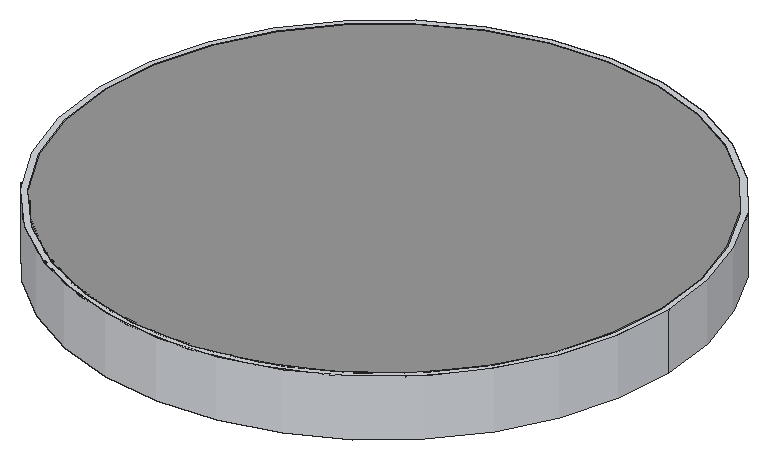
Revit family "2071168", category Lighting Fixtures, host Face, Revit 2018
Family settings
  Host = Face
  Round Connector Dimension = Use Diameter
  Part Type = Normal
  OmniClass Number = 23.80.70.00
  OmniClass Title = Lighting
  Cut with Voids When Loaded = No
  Light Source = Yes
  Shared = No
  Room Calculation Point = No
Parameters (values of type "2071168 COLOSSAL 600 830 PR DIR WHT EM")
  iner diameter = 588 mm
  Weight = "n/a"
  Wattage Comments = ""
  Wattage = 30 W
  WarrantyStartDate [instance] = "n/a"
  WarrantyGuarantorParts = "n/a"
  WarrantyDurationUnit = "n/a"
  WarrantyDurationParts = ""
  WarrantyDescription = "http://www.sylvania-lighting.com"
  built-in parameter 1150110 = 1 (stored number, unit not read)
  Voltage = 230 V
  URL = "0.95"
  TypeName = "COLOSSAL 600mm 830 PRISM DIR WHITE EM"
  Type Image = <None>
  Type Comments = "n/a"
  built-in parameter 1114217 = 1 (stored number, unit not read)
  Tilt Angle = -90.00°
  built-in parameter 1150109 = 1 (stored number, unit not read)
  built-in parameter 1150134 = (empty or 0)
  built-in parameter 1150113 = 1 (stored number, unit not read)
  SerialNumber [instance] = "n/a"
  Photometric Web File = "2071168.ies"
  Material_3_SYL = LED-Sylvania
  PowerFactor = 0
  PowerConsumption = "Lighting"
  NominalLength = 600 mm
  NominalHeight = 93 mm
  NominalDepth = 600 mm
  Name = "COLOSSAL 600mm 830 PRISM DIR WHITE EM"
  ModelReference = Name  # "COLOSSAL 600mm 830 PRISM DIR WHITE EM"
  ModelNumber = "2071168"
  Model = Name  # "COLOSSAL 600mm 830 PRISM DIR WHITE EM"
  Material = "Feilo Sylvania"
  ManufacturerName = "119 lm/W"
  Manufacturer = ""
  LuminousEfficacy = ""
  built-in parameter 1150105 = 270.44 (stored number, unit not read)
  Lumens = 3398.4 lm
  LuminaireType = "0"
  built-in parameter 1150115 = 1 (stored number, unit not read)
  LightOutputRatio = "LED"
  built-in parameter 1150137 = (empty or 0)
  built-in parameter 1150139 = (empty or 0)
  LampsType = Lamp  # "n/a"
  LampNominalLuminous = "3000 K"
  LampMacAdamStep = "80"
  LampColourTemperature = "LED"
  LampColourRenderingIndex = "16500"
  built-in parameter 1150112 = 1 (stored number, unit not read)
  built-in parameter 1150114 = 1 (stored number, unit not read)
  Lamp = "n/a"
  Keynote = "n/a"
  InstallationDate [instance] = "n/a"
  InputVoltage = "0"
  InputNominalFrequency = "3000"
  built-in parameter 1150132 = (empty or 0)
  built-in parameter 1150102 = (empty or 0)
  built-in parameter 1150107 = 3000 (stored number, unit not read)
  built-in parameter 1150138 = (empty or 0)
  IngressProtection = "IfcLightFixtureType"
  ImpactProtectionIndex = "IfcLightFixtureType"
  built-in parameter 1150106 = 2.7044 (stored number, unit not read)
  IfcExportType = "IfcLightFixtureType"
  IfcExportAs = "Class I"
  Emit from Circle Diameter = 385 mm
  Emit Shape Visible in Rendering = no
  ElectricShockClassification = "119"
  built-in parameter 1150104 = 10.524 (stored number, unit not read)
  DocumentationLiterature = "http://www.sylvania-lighting.com/product/en-int/products/2071168"
  DimmingControlOptions = "n/a"
  Material_2_SYL = Polycarbonate_Sylvania_White
  Dimming Lamp Color Temperature Shift = <None>
  Description = "600mm diameter circular architectural luminaire, can be surface mounted or suspended. Powder coated aluminium housing (RAL9016) with PMMA prismatic diffuser. Direct light distribution, 3805lm luminuous flux, 32.1W system power, 119lm/W luminiaire efficacy. Constant current driver. 3 hours integrated emergency. Colour rendering index Ra >80, 3000K Warm White LED, chromaticity tolerance of 3-step MacAdam ellipse. IP40, IK03. 350mA drive current. UGR≤19. Electrical protection Class1, 220-240V. Reported lifetime 66k hours L90B10."
  Default Elevation = 1219.2 mm
  CreatedOn = "23/03/2022"
  CreatedBy = "@sylvania-lighting.com"
  Cost = 0
  Color Filter = 16777215
  built-in parameter 1114216 [instance] = (empty or 0)
  ClassificationValue = "EF_70_80"
  ClassificationName = "Uniclass2015"
  Material_1_SYL = Polycarbonate_Sylvania_Opal
  BarCode [instance] = "n/a"
  built-in parameter 1114218 = 1 (stored number, unit not read)
  built-in parameter 1150133 = 10 (stored number, unit not read)
  AssetType = "Fixed"
  AssetIdentifier [instance] = "n/a"
  Assembly Code = "D5020200"
  Apparent Load = 32.1 VA
  Material_4_SYL = none
Reference planes
  plane 1 "Center (Front/Back)": y = 0
  plane 2: z = 0
  plane 3 "Center (Left/Right)": x = 0
  plane 4: x = -300
  plane 5: x = 300
  plane 6: y = 300
  plane 7: y = -300
  plane 8: y = 212
  plane 9: y = -212
  plane 10: z = 93
  plane 11: y = 294
  plane 12: y = -294
  plane 13: through (0, 0, 1219.2) normal (0.5, -0.866, 0)
  plane 14: through (-134.29, 20.617, 1219.2) normal (0.5, -0.866, 0)
  plane 15: through (-144.685, -181.683, 1219.2) normal (-0.5, 0.866, 0)
  plane 16: through (0, 0, 1219.2) normal (0.5, 0.866, 0)
  plane 17: through (178.555, -4.939, 1219.2) normal (0.5, 0.866, 0)
  plane 18: through (87.581, -148.715, 1219.2) normal (0.5, 0.866, 0)
  plane 19: y = 272
  plane 20: through (105.168, 227.067, 1219.2) normal (0.866, 0.5, 0)
  plane 21: through (-104.171, 225.672, 1219.2) normal (0.8572, -0.515, 0)
  plane 22: y = -204.612
  plane 23: through (-296.643, -30.2, 1219.2) normal (0.866, 0.5, 0)
  plane 24: through (153.092, -278.837, 1219.2) normal (-0.866, 0.5, 0)
Forms (mm)
  Extrusion 1, solid, detail levels medium+fine
    sketch origin (0, 0, 0) x (1, 0, 0) y (0, 1, 0)
      loop
        circle (0, 0) r 300
    from 33.023 to 93
  Extrusion 2, void
    sketch origin (0, 0, 0) x (1, 0, 0) y (0, 1, 0)
      loop
        circle (0, 0) r 294
    from 93 to 37.292
  Extrusion 3, solid, material "Glass, White, High Luminance", detail levels fine
    sketch origin (0, 0, 0) x (1, 0, 0) y (0, 1, 0)
      loop
        circle (0, 0) r 294
    from 88.026 to 93
  Extrusion 4, solid, detail levels coarse
    sketch origin (0, 0, 0) x (1, 0, 0) y (0, 1, 0)
      loop
        line (-300, 300) -> (-300, -300) -> (300, -300) -> (300, 300) -> (-300, 300)
    from 0 to 93
  Blend 5, solid, detail levels medium+fine
    base sketch origin (0, 0, 0) x (1, 0, 0) y (0, 1, 0)
      loop
        line (-76.334, 272) -> (-277.665, -63.07) -> (-195.946, -204.612) -> (195.946, -204.612) -> (275.172, -67.388) -> (79.226, 272) -> (-76.334, 272)
    top sketch origin (0, 0, 0) x (1, 0, 0) y (0, 1, 0)
      loop
        line (-226.097, -32.388) -> (-141.097, -179.612) -> (141.097, -179.612) -> (226.097, -32.388) -> (85, 212) -> (-85, 212) -> (-226.097, -32.388)
    from 33.023 to 0
Cuts and joins
  Extrusion 2 cuts Extrusion 1
Lines and regions (mm)
  model lines
    curve 1: line (-85, 212, 0) -> (0, 212, 0)
    curve 2: line (0, 212, 0) -> (85, 212, 0)
Dimensions and locks
  "NominalDepth": plane 6 to plane 7
  "NominalLength": plane 4 to plane 5
  equal spacing: plane 4, plane 3 "Center (Left/Right)", plane 5
  "iner diameter": plane 11 to plane 12
  equal spacing: plane 11, plane 1 "Center (Front/Back)", plane 12
  equal spacing: plane 6, plane 1 "Center (Front/Back)", plane 7
  "NominalHeight": plane 10 to level
  radius of Extrusion 2 sketch curve = 294 mm
  aligned and locked: plane 2 to host face
  aligned and locked: level to host face
Automatic sketch dimensions
  host sketch curve to host sketch curve = 2438.4 mm  (x2)
  plane 1 "Center (Front/Back)" to Extrusion 1 sketch curve = 0 mm
  Extrusion 1 sketch curve to plane 3 "Center (Left/Right)" = 0 mm
  plane 1 "Center (Front/Back)" to Extrusion 2 sketch curve = 0 mm
  Extrusion 2 sketch curve to plane 3 "Center (Left/Right)" = 0 mm
  plane 1 "Center (Front/Back)" to Extrusion 3 sketch curve = 0 mm
  Extrusion 3 sketch curve to plane 3 "Center (Left/Right)" = 0 mm
  Extrusion 4 sketch curve to plane 4 = 0 mm
  Extrusion 4 sketch curve to plane 5 = 0 mm
  Extrusion 4 sketch curve to plane 7 = 0 mm
  Extrusion 4 sketch curve to plane 6 = 0 mm
  Blend 5 sketch curve to plane 8 = 0 mm
  Blend 5 sketch curve to plane 3 "Center (Left/Right)" = 85 mm
  plane 3 "Center (Left/Right)" to Blend 5 sketch curve = 85 mm
  plane 9 to Blend 5 sketch curve = 32.388 mm
  plane 3 "Center (Left/Right)" to Blend 5 sketch curve = 141.097 mm
  plane 1 "Center (Front/Back)" to Blend 5 sketch curve = 32.388 mm  (x2)
  Blend 5 sketch curve to plane 5 = 73.903 mm
  Blend 5 sketch curve to plane 3 "Center (Left/Right)" = 141.097 mm
  plane 4 to Blend 5 sketch curve = 73.903 mm
  curve 1 to plane 8 = 0 mm
  curve 2 to plane 3 "Center (Left/Right)" = 0 mm
  curve 1 to plane 3 "Center (Left/Right)" = 85 mm
  curve 1 to curve 2 = 85 mm
  Blend 5 sketch curve to plane 21 = 0 mm
  Blend 5 sketch curve to plane 23 = 0 mm  (x2)
  Blend 5 sketch curve to plane 22 = 0 mm
  Blend 5 sketch curve to plane 19 = 0 mm
  plane 21 to Blend 5 sketch curve = 0 mm
  Blend 5 sketch curve to plane 20 = 0 mm  (x2)
  Blend 5 sketch curve to plane 24 = 0 mm  (x2)
  radius of Extrusion 1 sketch curve = 300 mm
  radius of Extrusion 3 sketch curve = 294 mm
Connectors
  electrical at (0, 0, 0), driven by "Apparent Load", driven by "PowerFactor", driven by "Voltage"
    settings: index 1, voltage 230 V, apparent load 32.1 VA, apparent load phase1 0 VA, apparent load phase2 0 VA, apparent load phase3 0 VA, power factor 0, load classification "Lighting", number of poles 1, system type 30, power factor state 1, is connector primary yes, connector utility no, sub classification motor no, connector description ""
